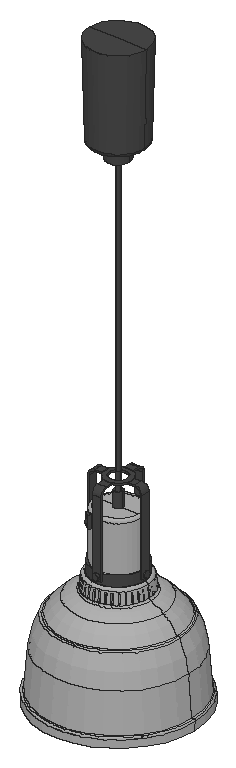
Revit family "Värmelampa Focus RO Fast kabel", category Lighting Fixtures, host Ceiling, Revit 2020
Family settings
  Host = Ceiling
  Round Connector Dimension = Use Diameter
  Part Type = Normal
  OmniClass Number = 23.80.70.11
  OmniClass Title = Luminaries for Internal Lighting
  Always vertical = Yes
  Cut with Voids When Loaded = No
  Light Source = No
  Shared = No
  Room Calculation Point = No
Parameters (values of type "VL1-RO-RKA")
  Model = "VL1-RO-RKA"
  Lamp Type = Värmelampa Focus Modell RO F : VL1-RO-HSA
  Lamp Hanger Material = AMA - Glossy Black
  Default Elevation = 0 mm
  Adjustable length [instance] = 850 mm
Types (3, lengths in mm): name | Model | Lamp Type
  VL1-RO-RKS | "VL1-RO-RKS" | Värmelampa Focus Modell RO F : VL1-RO-HSS
  VL1-RO-RKA | "VL1-RO-RKA" | Värmelampa Focus Modell RO F : VL1-RO-HSA
  VL1-RO-RKK | "VL1-RO-RKK" | Värmelampa Focus Modell RO F : VL1-RO-HSK
Reference planes
  plane 1 "Light Source Axis (F/B)": y = 0
  plane 2: z = 0
  plane 3 "Light Source Axis (L/R)": x = 0
  plane 4 "Ceiling": z = 4000
  plane 5 "Light Source Elevation": z = 3750
  plane 6: z = 3150
  plane 7: x = -41
  plane 8: z = 3446.482
  plane 9: x = -109.996
  plane 10: x = 109.996
Forms (mm)
  Revolve 1, solid, material "AMA - Glossy Black" <- "Lamp Hanger Material"
    sketch origin (0, 0, 0) x (1, 0, 0) y (0, 0, 1)
      loop
        line (0, 4000) -> (-41, 4000) -> (-37.633, 3871.399)
        arc (-37.633, 3871.399) -> (-36.727, 3869.329) -> (-34.634, 3868.478) r 3
        line (-34.634, 3868.478) -> (-16.974, 3868.478) -> (-16, 3846.478) -> (0, 3846.478) -> (0, 4000)
      axis (0, 3846.478) -> (0, 4000)
    angle from 0 to 360
  Extrusion 2, solid, material "AMA - Glossy Black" <- "Lamp Hanger Material"
    sketch origin (-2507.68, 6000, 3446.482) x (0, 1, 0) y (1, 0, 0)
      loop
        circle (-6000, 2507.68) r 3
    from 0 to -399.996
Lines and regions (mm)
  symbolic lines
    curve 1: circle (0, 0, 3446.482) r 110 normal (0, 0, -1)
    curve 2: circle (0, 0, 3446.482) r 41 normal (0, 0, -1)
    curve 3: line (-77.782, -77.782, 3446.482) -> (77.782, 77.782, 3446.482)
    curve 4: line (77.782, -77.782, 3446.482) -> (-77.782, 77.782, 3446.482)
Dimensions and locks
  equal spacing: host sketch curve, plane 3 "Light Source Axis (L/R)", host sketch curve
  equal spacing: host sketch curve, plane 1 "Light Source Axis (F/B)", host sketch curve
  host sketch curve to host sketch curve = 4000 mm  (x2)
  plane 4 "Ceiling" to host ceiling = 0 mm
  "Adjustable length": plane 6 to plane 4 "Ceiling"
  locked: plane 6 to plane 8 at 296.482
  plane 9 to plane 10 = 219.991 mm
  equal spacing: plane 9, plane 3 "Light Source Axis (L/R)", plane 10
  plane 6 to nested 1 = 250 mm
  plane 4 "Ceiling" to plane 5 "Light Source Elevation" to plane 8 = 250 mm, 303.518 mm
  aligned and locked: nested 1 to plane 6
  aligned and locked: Extrusion 2 to Revolve 1
Automatic sketch dimensions
  plane 1 "Light Source Axis (F/B)" to Extrusion 2 sketch curve = 0 mm
  Extrusion 2 sketch curve to plane 3 "Light Source Axis (L/R)" = 0 mm
  Revolve 1 sketch curve to plane 4 "Ceiling" = 0 mm  (x2)
  Revolve 1 sketch curve to plane 7 = 0 mm
  Revolve 1 sketch curve to plane 3 "Light Source Axis (L/R)" = 0 mm  (x2)
  plane 7 to Revolve 1 sketch curve = 3.367 mm
  Revolve 1 sketch curve to Revolve 1 sketch curve = 2.999 mm
  Revolve 1 sketch curve to plane 3 "Light Source Axis (L/R)" = 16.974 mm
  Revolve 1 sketch curve to plane 3 "Light Source Axis (L/R)" = 16 mm
  Revolve 1 sketch curve to plane 5 "Light Source Elevation" = 121.478 mm
  Revolve 1 sketch curve to Revolve 1 sketch curve = 0.079 mm
  Revolve 1 sketch curve to Revolve 1 sketch curve = 22 mm
  Revolve 1 sketch curve to Revolve 1 sketch curve = 65 mm
  curve 1 to curve 2 = 0 mm  (x2)
  plane 1 "Light Source Axis (F/B)" to curve 2 = 0 mm
  curve 2 to plane 3 "Light Source Axis (L/R)" = 0 mm
  plane 1 "Light Source Axis (F/B)" to curve 4 = 77.782 mm
  plane 1 "Light Source Axis (F/B)" to curve 3 = 77.782 mm
  curve 4 to plane 1 "Light Source Axis (F/B)" = 77.782 mm
  curve 3 to plane 1 "Light Source Axis (F/B)" = 77.782 mm
  plane 3 "Light Source Axis (L/R)" to curve 3 = 77.782 mm
  radius of Extrusion 2 sketch curve = 3 mm
  radius of curve 2 = 41 mm
Nested families
  nested 1: "Värmelampa Focus Modell RO F" at (0, 0, 3150), type <- "Lamp Type", type "VL1-RO-HSA"
Definition of nested family "Värmelampa Focus Modell RO F"
  Parameters (values of type "VL1-RO-RKA")
    Main Body Material = none
    Lamp Hanger Material = none
    Default Elevation = 0 mm
  Types (6): name
    VL1-RO-RKS
    VL1-RO-RKA
    VL1-RO-RKK
    VL1-RO-HSK
    VL1-RO-HSA
    VL1-RO-HSS
  Reference planes
    plane 1 "Light Source Axis (F/B)": y = 0
    plane 2: z = 0
    plane 3 "Light Source Axis (L/R)": x = 0
    plane 4 "Light Source Elevation": z = 1500
    plane 5: z = 250
  Forms (mm)
    Revolve 1, solid, material <- "Main Body Material"
      sketch origin (0, 0, -3150) x (1, 0, 0) y (0, 0, 1)
        loop
          line (33.909, 3315.992) -> (33.909, 3395.956)
          arc (33.909, 3395.956) -> (32.724, 3398.815) -> (29.864, 3400) r 4.044
          line (29.864, 3400) -> (0, 3400) -> (0, 3398) -> (29.864, 3398)
          arc (29.864, 3398) -> (31.31, 3397.401) -> (31.909, 3395.956) r 2.044
          line (31.909, 3395.956) -> (31.909, 3313.992) -> (38.165, 3313.992)
          arc (38.165, 3313.992) -> (39.485, 3313.495) -> (40.148, 3312.25) r 2
          line (40.148, 3312.25) -> (42.235, 3296.169)
          arc (42.235, 3296.169) -> (43.434, 3293.517) -> (45.907, 3291.981) r 5
          arc (45.907, 3291.981) -> (56.788, 3287.552) -> (66.218, 3280.545) r 46.652
          arc (66.218, 3280.545) -> (75.048, 3271.663) -> (82.684, 3261.736) r 98.768
          arc (82.684, 3261.736) -> (84.474, 3260.147) -> (86.82, 3259.668) r 4.614
          arc (86.82, 3259.668) -> (94.823, 3239.799) -> (99.503, 3218.896) r 131.909
          arc (99.503, 3218.896) -> (102.515, 3191.479) -> (103.898, 3163.932) r 465.715
          arc (103.898, 3163.932) -> (104.725, 3161.925) -> (106.691, 3161.001) r 3
          arc (106.691, 3161.001) -> (107.561, 3160.587) -> (107.915, 3159.69) r 1.314
          line (107.915, 3159.69) -> (107.915, 3150) -> (110, 3150) -> (110, 3161.006)
          arc (110, 3161.006) -> (109.242, 3162.573) -> (107.542, 3162.952) r 1.999
          arc (107.542, 3162.952) -> (106.472, 3163.185) -> (105.979, 3164.164) r 1.272
          arc (105.979, 3164.164) -> (104.586, 3191.739) -> (101.569, 3219.185) r 467.715
          arc (101.569, 3219.185) -> (96.865, 3240.249) -> (88.838, 3260.285) r 133.909
          arc (88.838, 3260.285) -> (87.89, 3261.312) -> (86.539, 3261.67) r 2.5
          arc (86.539, 3261.67) -> (85.329, 3261.949) -> (84.402, 3262.776) r 2.5
          arc (84.402, 3262.776) -> (75.371, 3274.318) -> (64.763, 3284.428) r 100.768
          arc (64.763, 3284.428) -> (56.054, 3290.157) -> (46.331, 3293.916) r 49
          arc (46.331, 3293.916) -> (44.851, 3294.838) -> (44.134, 3296.427) r 3
          line (44.134, 3296.427) -> (42.047, 3312.507)
          arc (42.047, 3312.507) -> (40.72, 3314.997) -> (38.08, 3315.992) r 4
          line (38.08, 3315.992) -> (33.909, 3315.992)
        axis (0, 3400) -> (0, 3150)
      angle from 0 to 360
    Extrusion 2, solid, material <- "Lamp Hanger Material"
      sketch origin (-36.5, 6000, 165.992) x (1, 0, 0) y (0, 1, 0)
        loop
          circle (36.5, -6000) r 36.5
        loop
          circle (36.5, -6000) r 34.5
      from 0 to 15
    Extrusion 3, solid, material <- "Lamp Hanger Material"
      sketch origin (3138.694, -6, -1950) x (1, 0, 0) y (0, 0, 1)
        loop
          line (-3100.194, 2120.884) -> (-3100.194, 2228.883)
          arc (-3100.194, 2228.883) -> (-3103.123, 2235.954) -> (-3110.194, 2238.883) r 10
          line (-3110.194, 2238.883) -> (-3119.694, 2238.883) -> (-3119.694, 2236.883) -> (-3110.194, 2236.883)
          arc (-3110.194, 2236.883) -> (-3104.537, 2234.539) -> (-3102.194, 2228.883) r 8
          line (-3102.194, 2228.883) -> (-3102.194, 2120.884) -> (-3100.194, 2120.884)
        loop
          arc (-3167.193, 2238.883) -> (-3174.264, 2235.954) -> (-3177.193, 2228.883) r 10
          line (-3177.193, 2228.883) -> (-3177.193, 2120.884) -> (-3175.193, 2120.884) -> (-3175.193, 2228.883)
          arc (-3175.193, 2228.883) -> (-3172.85, 2234.539) -> (-3167.193, 2236.883) r 8
          line (-3167.193, 2236.883) -> (-3157.694, 2236.883) -> (-3157.694, 2238.883) -> (-3167.193, 2238.883)
      from 0 to -12
    Extrusion 4, solid, material <- "Lamp Hanger Material"
      sketch origin (-19.079, 6000, 286.883) x (1, 0, 0) y (0, 1, 0)
        loop
          circle (19.079, -6000) r 19
        loop
          circle (19.079, -6000) r 12.5
      from 0 to 2
    Extrusion 5, solid, material <- "Lamp Hanger Material"
      sketch origin (6, 3138.694, -1950) x (0, 1, 0) y (0, 0, 1)
        loop
          line (-3100.194, 2120.884) -> (-3100.194, 2228.883)
          arc (-3100.194, 2228.883) -> (-3103.123, 2235.954) -> (-3110.194, 2238.883) r 10
          line (-3110.194, 2238.883) -> (-3119.694, 2238.883) -> (-3119.694, 2236.883) -> (-3110.194, 2236.883)
          arc (-3110.194, 2236.883) -> (-3104.537, 2234.539) -> (-3102.194, 2228.883) r 8
          line (-3102.194, 2228.883) -> (-3102.194, 2120.884) -> (-3100.194, 2120.884)
        loop
          arc (-3167.193, 2238.883) -> (-3174.264, 2235.954) -> (-3177.193, 2228.883) r 10
          line (-3177.193, 2228.883) -> (-3177.193, 2120.884) -> (-3175.193, 2120.884) -> (-3175.193, 2228.883)
          arc (-3175.193, 2228.883) -> (-3172.85, 2234.539) -> (-3167.193, 2236.883) r 8
          line (-3167.193, 2236.883) -> (-3157.694, 2236.883) -> (-3157.694, 2238.883) -> (-3167.193, 2238.883)
      from 0 to -12
    Extrusion 6, solid, material <- "Lamp Hanger Material"
      sketch origin (-36.5, 6000, 250) x (1, 0, 0) y (0, 1, 0)
        loop
          circle (36.5, -6000) r 6
      from 0 to 20
    Extrusion 7, solid, material <- "Lamp Hanger Material"
      sketch origin (6, 38.5, 175.884) x (0, 0, 1) y (1, 0, 0)
        loop
          circle (0, -6) r 4
      from 0 to 3
    Extrusion 8, solid, material <- "Lamp Hanger Material"
      sketch origin (6, -38.5, 175.884) x (0, 0, 1) y (-1, 0, 0)
        loop
          circle (0, 6) r 4
      from 0 to 3
    Extrusion 9, solid, material <- "Lamp Hanger Material"
      sketch origin (38.5, -6, 175.884) x (0, 0, 1) y (0, -1, 0)
        loop
          circle (0, -6) r 4
      from 0 to 3
    Extrusion 10, solid, material <- "Lamp Hanger Material"
      sketch origin (-38.5, -6, 175.884) x (0, 0, 1) y (0, 1, 0)
        loop
          circle (0, 6) r 4
      from 0 to 3
    Extrusion 11, solid, material <- "Lamp Hanger Material"
      sketch origin (1.976, -42.746, 196.463) x (-0.819742, 0.572733, 0) y (0, 0, -1)
        loop
          line (21, -49.217) -> (31, -49.217) -> (31, -32.342) -> (21, -32.342) -> (21, -49.217)
        loop
          line (22, -33.342) -> (22, -48.217) -> (30, -48.217) -> (30, -33.342) -> (22, -33.342)
      from -0.551 to 3
    Extrusion 12, solid, material <- "Lamp Hanger Material"
      sketch origin (-23.762, -27.203, 231.68) x (0, 0, 1) y (-0.572733, -0.819742, 0)
        loop
          line (13, 0) -> (13, 1.118)
          arc (13, 1.118) -> (6.734, 1.11) -> (0.564, 2.197) r 35.7
          arc (0.564, 2.197) -> (-0.021, 2.177) -> (-0.494, 1.833) r 1
          line (-0.494, 1.833) -> (-1.875, 0) -> (13, 0)
      from 0 to 8
    Extrusion 13, void
      sketch origin (66.458, -7000, 130.454) x (0, 0, 1) y (0, 1, 0)
        loop
          line (16.977, 6998.587) -> (29.537, 6998.587)
          arc (29.537, 6998.587) -> (31.037, 7000.087) -> (29.537, 7001.587) r 1.5
          line (29.537, 7001.587) -> (16.977, 7001.587)
          arc (16.977, 7001.587) -> (15.477, 7000.087) -> (16.977, 6998.587) r 1.5
      from 17.051 to 31.502
    Extrusion 14, void
      sketch origin (-7000, -66.458, 130.454) x (0, 0, 1) y (1, 0, 0)
        loop
          line (16.977, 6998.587) -> (29.537, 6998.587)
          arc (29.537, 6998.587) -> (31.037, 7000.087) -> (29.537, 7001.587) r 1.5
          line (29.537, 7001.587) -> (16.977, 7001.587)
          arc (16.977, 7001.587) -> (15.477, 7000.087) -> (16.977, 6998.587) r 1.5
      from 17.051 to 31.502
    Extrusion 15, void
      sketch origin (6905.195, 1150.089, 130.454) x (0, 0, 1) y (0.984808, 0.173648, 0)
        loop
          arc (16.977, -6998.587) -> (15.477, -7000.087) -> (16.977, -7001.587) r 1.5
          line (16.977, -7001.587) -> (29.537, -7001.587)
          arc (29.537, -7001.587) -> (31.037, -7000.087) -> (29.537, -6998.587) r 1.5
          line (29.537, -6998.587) -> (16.977, -6998.587)
      from 17.051 to 31.502
    Extrusion 16, void
      sketch origin (6600.578, 2331.691, 130.454) x (0, 0, 1) y (0.939693, 0.34202, 0)
        loop
          arc (16.977, -6998.587) -> (15.477, -7000.087) -> (16.977, -7001.587) r 1.5
          line (16.977, -7001.587) -> (29.537, -7001.587)
          arc (29.537, -7001.587) -> (31.037, -7000.087) -> (29.537, -6998.587) r 1.5
          line (29.537, -6998.587) -> (16.977, -6998.587)
      from 17.051 to 31.502
    Extrusion 17, void
      sketch origin (6095.407, 3442.446, 130.454) x (0, 0, 1) y (0.866025, 0.5, 0)
        loop
          arc (16.977, -6998.587) -> (15.477, -7000.087) -> (16.977, -7001.587) r 1.5
          line (16.977, -7001.587) -> (29.537, -7001.587)
          arc (29.537, -7001.587) -> (31.037, -7000.087) -> (29.537, -6998.587) r 1.5
          line (29.537, -6998.587) -> (16.977, -6998.587)
      from 17.051 to 31.502
    Extrusion 18, void
      sketch origin (5405.029, 4448.604, 130.454) x (0, 0, 1) y (0.766044, 0.642788, 0)
        loop
          arc (16.977, -6998.587) -> (15.477, -7000.087) -> (16.977, -7001.587) r 1.5
          line (16.977, -7001.587) -> (29.537, -7001.587)
          arc (29.537, -7001.587) -> (31.037, -7000.087) -> (29.537, -6998.587) r 1.5
          line (29.537, -6998.587) -> (16.977, -6998.587)
      from 17.051 to 31.502
    Extrusion 19, void
      sketch origin (4550.423, 5319.593, 130.454) x (0, 0, 1) y (0.642788, 0.766044, 0)
        loop
          arc (16.977, -6998.587) -> (15.477, -7000.087) -> (16.977, -7001.587) r 1.5
          line (16.977, -7001.587) -> (29.537, -7001.587)
          arc (29.537, -7001.587) -> (31.037, -7000.087) -> (29.537, -6998.587) r 1.5
          line (29.537, -6998.587) -> (16.977, -6998.587)
      from 17.051 to 31.502
    Extrusion 20, void
      sketch origin (3557.554, 6028.949, 130.454) x (0, 0, 1) y (0.5, 0.866025, 0)
        loop
          arc (16.977, -6998.587) -> (15.477, -7000.087) -> (16.977, -7001.587) r 1.5
          line (16.977, -7001.587) -> (29.537, -7001.587)
          arc (29.537, -7001.587) -> (31.037, -7000.087) -> (29.537, -6998.587) r 1.5
          line (29.537, -6998.587) -> (16.977, -6998.587)
      from 17.051 to 31.502
    Extrusion 21, void
      sketch origin (2456.591, 6555.119, 130.454) x (0, 0, 1) y (0.34202, 0.939693, 0)
        loop
          arc (16.977, -6998.587) -> (15.477, -7000.087) -> (16.977, -7001.587) r 1.5
          line (16.977, -7001.587) -> (29.537, -7001.587)
          arc (29.537, -7001.587) -> (31.037, -7000.087) -> (29.537, -6998.587) r 1.5
          line (29.537, -6998.587) -> (16.977, -6998.587)
      from 17.051 to 31.502
    Extrusion 22, void
      sketch origin (1280.985, 6882.114, 130.454) x (0, 0, 1) y (0.173648, 0.984808, 0)
        loop
          arc (16.977, -6998.587) -> (15.477, -7000.087) -> (16.977, -7001.587) r 1.5
          line (16.977, -7001.587) -> (29.537, -7001.587)
          arc (29.537, -7001.587) -> (31.037, -7000.087) -> (29.537, -6998.587) r 1.5
          line (29.537, -6998.587) -> (16.977, -6998.587)
      from 17.051 to 31.502
    Extrusion 23, void
      sketch origin (-6905.195, 1150.089, 130.454) x (0, 0, 1) y (0.984808, -0.173648, 0)
        loop
          line (16.977, 6998.587) -> (29.537, 6998.587)
          arc (29.537, 6998.587) -> (31.037, 7000.087) -> (29.537, 7001.587) r 1.5
          line (29.537, 7001.587) -> (16.977, 7001.587)
          arc (16.977, 7001.587) -> (15.477, 7000.087) -> (16.977, 6998.587) r 1.5
      from 17.051 to 31.502
    Extrusion 24, void
      sketch origin (-6600.578, 2331.691, 130.454) x (0, 0, 1) y (0.939693, -0.34202, 0)
        loop
          line (16.977, 6998.587) -> (29.537, 6998.587)
          arc (29.537, 6998.587) -> (31.037, 7000.087) -> (29.537, 7001.587) r 1.5
          line (29.537, 7001.587) -> (16.977, 7001.587)
          arc (16.977, 7001.587) -> (15.477, 7000.087) -> (16.977, 6998.587) r 1.5
      from 17.051 to 31.502
    Extrusion 25, void
      sketch origin (-6095.407, 3442.446, 130.454) x (0, 0, 1) y (0.866025, -0.5, 0)
        loop
          line (16.977, 6998.587) -> (29.537, 6998.587)
          arc (29.537, 6998.587) -> (31.037, 7000.087) -> (29.537, 7001.587) r 1.5
          line (29.537, 7001.587) -> (16.977, 7001.587)
          arc (16.977, 7001.587) -> (15.477, 7000.087) -> (16.977, 6998.587) r 1.5
      from 17.051 to 31.502
    Extrusion 26, void
      sketch origin (-5405.029, 4448.604, 130.454) x (0, 0, 1) y (0.766044, -0.642788, 0)
        loop
          line (16.977, 6998.587) -> (29.537, 6998.587)
          arc (29.537, 6998.587) -> (31.037, 7000.087) -> (29.537, 7001.587) r 1.5
          line (29.537, 7001.587) -> (16.977, 7001.587)
          arc (16.977, 7001.587) -> (15.477, 7000.087) -> (16.977, 6998.587) r 1.5
      from 17.051 to 31.502
    Extrusion 27, void
      sketch origin (-4550.423, 5319.593, 130.454) x (0, 0, 1) y (0.642788, -0.766044, 0)
        loop
          line (16.977, 6998.587) -> (29.537, 6998.587)
          arc (29.537, 6998.587) -> (31.037, 7000.087) -> (29.537, 7001.587) r 1.5
          line (29.537, 7001.587) -> (16.977, 7001.587)
          arc (16.977, 7001.587) -> (15.477, 7000.087) -> (16.977, 6998.587) r 1.5
      from 17.051 to 31.502
    Extrusion 28, void
      sketch origin (-3557.554, 6028.949, 130.454) x (0, 0, 1) y (0.5, -0.866025, 0)
        loop
          line (16.977, 6998.587) -> (29.537, 6998.587)
          arc (29.537, 6998.587) -> (31.037, 7000.087) -> (29.537, 7001.587) r 1.5
          line (29.537, 7001.587) -> (16.977, 7001.587)
          arc (16.977, 7001.587) -> (15.477, 7000.087) -> (16.977, 6998.587) r 1.5
      from 17.051 to 31.502
    Extrusion 29, void
      sketch origin (-2456.591, 6555.119, 130.454) x (0, 0, 1) y (0.34202, -0.939693, 0)
        loop
          line (16.977, 6998.587) -> (29.537, 6998.587)
          arc (29.537, 6998.587) -> (31.037, 7000.087) -> (29.537, 7001.587) r 1.5
          line (29.537, 7001.587) -> (16.977, 7001.587)
          arc (16.977, 7001.587) -> (15.477, 7000.087) -> (16.977, 6998.587) r 1.5
      from 17.051 to 31.502
    Extrusion 30, void
      sketch origin (-1280.985, 6882.114, 130.454) x (0, 0, 1) y (0.173648, -0.984808, 0)
        loop
          line (16.977, 6998.587) -> (29.537, 6998.587)
          arc (29.537, 6998.587) -> (31.037, 7000.087) -> (29.537, 7001.587) r 1.5
          line (29.537, 7001.587) -> (16.977, 7001.587)
          arc (16.977, 7001.587) -> (15.477, 7000.087) -> (16.977, 6998.587) r 1.5
      from 17.051 to 31.502
    Extrusion 31, void
      sketch origin (-7000, 66.458, 130.454) x (0, 0, 1) y (-1, 0, 0)
        loop
          arc (16.977, -6998.587) -> (15.477, -7000.087) -> (16.977, -7001.587) r 1.5
          line (16.977, -7001.587) -> (29.537, -7001.587)
          arc (29.537, -7001.587) -> (31.037, -7000.087) -> (29.537, -6998.587) r 1.5
          line (29.537, -6998.587) -> (16.977, -6998.587)
      from 17.051 to 31.502
    Extrusion 32, void
      sketch origin (6905.195, -1150.089, 130.454) x (0, 0, 1) y (-0.984808, 0.173648, 0)
        loop
          line (16.977, 6998.587) -> (29.537, 6998.587)
          arc (29.537, 6998.587) -> (31.037, 7000.087) -> (29.537, 7001.587) r 1.5
          line (29.537, 7001.587) -> (16.977, 7001.587)
          arc (16.977, 7001.587) -> (15.477, 7000.087) -> (16.977, 6998.587) r 1.5
      from 17.051 to 31.502
    Extrusion 33, void
      sketch origin (6600.578, -2331.691, 130.454) x (0, 0, 1) y (-0.939693, 0.34202, 0)
        loop
          line (16.977, 6998.587) -> (29.537, 6998.587)
          arc (29.537, 6998.587) -> (31.037, 7000.087) -> (29.537, 7001.587) r 1.5
          line (29.537, 7001.587) -> (16.977, 7001.587)
          arc (16.977, 7001.587) -> (15.477, 7000.087) -> (16.977, 6998.587) r 1.5
      from 17.051 to 31.502
    Extrusion 34, void
      sketch origin (6095.407, -3442.446, 130.454) x (0, 0, 1) y (-0.866025, 0.5, 0)
        loop
          line (16.977, 6998.587) -> (29.537, 6998.587)
          arc (29.537, 6998.587) -> (31.037, 7000.087) -> (29.537, 7001.587) r 1.5
          line (29.537, 7001.587) -> (16.977, 7001.587)
          arc (16.977, 7001.587) -> (15.477, 7000.087) -> (16.977, 6998.587) r 1.5
      from 17.051 to 31.502
    Extrusion 35, void
      sketch origin (5405.029, -4448.604, 130.454) x (0, 0, 1) y (-0.766044, 0.642788, 0)
        loop
          line (16.977, 6998.587) -> (29.537, 6998.587)
          arc (29.537, 6998.587) -> (31.037, 7000.087) -> (29.537, 7001.587) r 1.5
          line (29.537, 7001.587) -> (16.977, 7001.587)
          arc (16.977, 7001.587) -> (15.477, 7000.087) -> (16.977, 6998.587) r 1.5
      from 17.051 to 31.502
    Extrusion 36, void
      sketch origin (4550.423, -5319.593, 130.454) x (0, 0, 1) y (-0.642788, 0.766044, 0)
        loop
          line (16.977, 6998.587) -> (29.537, 6998.587)
          arc (29.537, 6998.587) -> (31.037, 7000.087) -> (29.537, 7001.587) r 1.5
          line (29.537, 7001.587) -> (16.977, 7001.587)
          arc (16.977, 7001.587) -> (15.477, 7000.087) -> (16.977, 6998.587) r 1.5
      from 17.051 to 31.502
    Extrusion 37, void
      sketch origin (3557.554, -6028.949, 130.454) x (0, 0, 1) y (-0.5, 0.866025, 0)
        loop
          line (16.977, 6998.587) -> (29.537, 6998.587)
          arc (29.537, 6998.587) -> (31.037, 7000.087) -> (29.537, 7001.587) r 1.5
          line (29.537, 7001.587) -> (16.977, 7001.587)
          arc (16.977, 7001.587) -> (15.477, 7000.087) -> (16.977, 6998.587) r 1.5
      from 17.051 to 31.502
    Extrusion 38, void
      sketch origin (2456.591, -6555.119, 130.454) x (0, 0, 1) y (-0.34202, 0.939693, 0)
        loop
          line (16.977, 6998.587) -> (29.537, 6998.587)
          arc (29.537, 6998.587) -> (31.037, 7000.087) -> (29.537, 7001.587) r 1.5
          line (29.537, 7001.587) -> (16.977, 7001.587)
          arc (16.977, 7001.587) -> (15.477, 7000.087) -> (16.977, 6998.587) r 1.5
      from 17.051 to 31.502
    Extrusion 39, void
      sketch origin (1280.985, -6882.114, 130.454) x (0, 0, 1) y (-0.173648, 0.984808, 0)
        loop
          line (16.977, 6998.587) -> (29.537, 6998.587)
          arc (29.537, 6998.587) -> (31.037, 7000.087) -> (29.537, 7001.587) r 1.5
          line (29.537, 7001.587) -> (16.977, 7001.587)
          arc (16.977, 7001.587) -> (15.477, 7000.087) -> (16.977, 6998.587) r 1.5
      from 17.051 to 31.502
    Extrusion 40, void
      sketch origin (-6905.195, -1150.089, 130.454) x (0, 0, 1) y (-0.984808, -0.173648, 0)
        loop
          arc (16.977, -6998.587) -> (15.477, -7000.087) -> (16.977, -7001.587) r 1.5
          line (16.977, -7001.587) -> (29.537, -7001.587)
          arc (29.537, -7001.587) -> (31.037, -7000.087) -> (29.537, -6998.587) r 1.5
          line (29.537, -6998.587) -> (16.977, -6998.587)
      from 17.051 to 31.502
    Extrusion 41, void
      sketch origin (-6600.578, -2331.691, 130.454) x (0, 0, 1) y (-0.939693, -0.34202, 0)
        loop
          arc (16.977, -6998.587) -> (15.477, -7000.087) -> (16.977, -7001.587) r 1.5
          line (16.977, -7001.587) -> (29.537, -7001.587)
          arc (29.537, -7001.587) -> (31.037, -7000.087) -> (29.537, -6998.587) r 1.5
          line (29.537, -6998.587) -> (16.977, -6998.587)
      from 17.051 to 31.502
    Extrusion 42, void
      sketch origin (-6095.407, -3442.446, 130.454) x (0, 0, 1) y (-0.866025, -0.5, 0)
        loop
          arc (16.977, -6998.587) -> (15.477, -7000.087) -> (16.977, -7001.587) r 1.5
          line (16.977, -7001.587) -> (29.537, -7001.587)
          arc (29.537, -7001.587) -> (31.037, -7000.087) -> (29.537, -6998.587) r 1.5
          line (29.537, -6998.587) -> (16.977, -6998.587)
      from 17.051 to 31.502
    Extrusion 43, void
      sketch origin (-5405.029, -4448.604, 130.454) x (0, 0, 1) y (-0.766044, -0.642788, 0)
        loop
          arc (16.977, -6998.587) -> (15.477, -7000.087) -> (16.977, -7001.587) r 1.5
          line (16.977, -7001.587) -> (29.537, -7001.587)
          arc (29.537, -7001.587) -> (31.037, -7000.087) -> (29.537, -6998.587) r 1.5
          line (29.537, -6998.587) -> (16.977, -6998.587)
      from 17.051 to 31.502
    Extrusion 44, void
      sketch origin (-4550.423, -5319.593, 130.454) x (0, 0, 1) y (-0.642788, -0.766044, 0)
        loop
          arc (16.977, -6998.587) -> (15.477, -7000.087) -> (16.977, -7001.587) r 1.5
          line (16.977, -7001.587) -> (29.537, -7001.587)
          arc (29.537, -7001.587) -> (31.037, -7000.087) -> (29.537, -6998.587) r 1.5
          line (29.537, -6998.587) -> (16.977, -6998.587)
      from 17.051 to 31.502
    Extrusion 45, void
      sketch origin (-3557.554, -6028.949, 130.454) x (0, 0, 1) y (-0.5, -0.866025, 0)
        loop
          arc (16.977, -6998.587) -> (15.477, -7000.087) -> (16.977, -7001.587) r 1.5
          line (16.977, -7001.587) -> (29.537, -7001.587)
          arc (29.537, -7001.587) -> (31.037, -7000.087) -> (29.537, -6998.587) r 1.5
          line (29.537, -6998.587) -> (16.977, -6998.587)
      from 17.051 to 31.502
    Extrusion 46, void
      sketch origin (-2456.591, -6555.119, 130.454) x (0, 0, 1) y (-0.34202, -0.939693, 0)
        loop
          arc (16.977, -6998.587) -> (15.477, -7000.087) -> (16.977, -7001.587) r 1.5
          line (16.977, -7001.587) -> (29.537, -7001.587)
          arc (29.537, -7001.587) -> (31.037, -7000.087) -> (29.537, -6998.587) r 1.5
          line (29.537, -6998.587) -> (16.977, -6998.587)
      from 17.051 to 31.502
    Extrusion 47, void
      sketch origin (-1280.985, -6882.114, 130.454) x (0, 0, 1) y (-0.173648, -0.984808, 0)
        loop
          arc (16.977, -6998.587) -> (15.477, -7000.087) -> (16.977, -7001.587) r 1.5
          line (16.977, -7001.587) -> (29.537, -7001.587)
          arc (29.537, -7001.587) -> (31.037, -7000.087) -> (29.537, -6998.587) r 1.5
          line (29.537, -6998.587) -> (16.977, -6998.587)
      from 17.051 to 31.502
    Extrusion 48, void
      sketch origin (-66.458, -7000, 130.454) x (0, 0, 1) y (0, -1, 0)
        loop
          arc (16.977, -6998.587) -> (15.477, -7000.087) -> (16.977, -7001.587) r 1.5
          line (16.977, -7001.587) -> (29.537, -7001.587)
          arc (29.537, -7001.587) -> (31.037, -7000.087) -> (29.537, -6998.587) r 1.5
          line (29.537, -6998.587) -> (16.977, -6998.587)
      from 17.051 to 31.502
    Extrusion 49, solid, material <- "Lamp Hanger Material"
      sketch origin (-36.5, 6000, 270) x (1, 0, 0) y (0, 1, 0)
        loop
          circle (36.5, -6000) r 3
      from 0 to 26.49
  Cuts and joins
    Extrusion 13, Extrusion 14, Extrusion 15, Extrusion 16, Extrusion 17, Extrusion 18, Extrusion 19, Extrusion 20, Extrusion 21, Extrusion 22, Extrusion 23, Extrusion 24, Extrusion 25, Extrusion 26, Extrusion 27, Extrusion 28, Extrusion 29, Extrusion 30, Extrusion 31, Extrusion 32, Extrusion 33, Extrusion 34, Extrusion 35, Extrusion 36, Extrusion 37, Extrusion 38, Extrusion 39, Extrusion 40, Extrusion 41, Extrusion 42, Extrusion 43, Extrusion 44, Extrusion 45, Extrusion 46, Extrusion 47, Extrusion 48 cuts Revolve 1
  Dimensions and locks
    aligned and locked: level to plane 2
